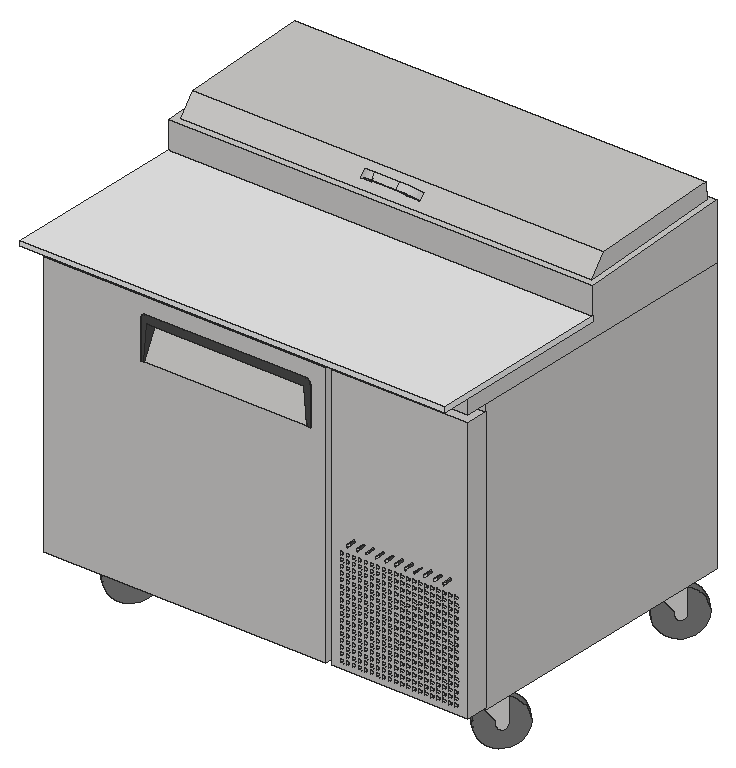
Revit family "QF_Turbo Air_TPR-44SD", category Specialty Equipment, Revit 2012 (continued)
Lines and regions (in)
  symbolic lines
    curve 22: spline (3.21156, -14.60568, 0) -> (3.20728, -14.65462, 0) -> (3.19452, -14.70272, 0) -> (3.1735, -14.74916, 0) -> (3.14457, -14.79314, 0) -> (3.10824, -14.83392, 0) -> (3.06511, -14.87079, 0) -> (3.01594, -14.90313, 0) -> (2.96156, -14.93037, 0) -> (2.9029, -14.95206, 0) -> (2.84097, -14.96783, 0) -> (2.77682, -14.97739, 0) -> (2.71156, -14.9806, 0)
    curve 23: spline (2.46156, -15.16806, 0) -> (2.65246, -15.16066, 0) -> (2.84133, -15.13852, 0) -> (3.02614, -15.10189, 0) -> (3.20492, -15.05115, 0) -> (3.37577, -14.98685, 0) -> (3.53685, -14.90967, 0) -> (3.68645, -14.82044, 0) -> (3.82298, -14.72012, 0) -> (3.94497, -14.60976, 0) -> (4.05112, -14.49055, 0) -> (4.1403, -14.36377, 0) -> (4.21156, -14.23076, 0)
    curve 24: spline (4.21156, -14.72698, 0) -> (4.1403, -14.85999, 0) -> (4.05112, -14.98677, 0) -> (3.94497, -15.10598, 0) -> (3.82298, -15.21633, 0) -> (3.68645, -15.31666, 0) -> (3.53685, -15.40589, 0) -> (3.37577, -15.48306, 0) -> (3.20492, -15.54736, 0) -> (3.02614, -15.5981, 0) -> (2.84133, -15.63473, 0) -> (2.65246, -15.65687, 0) -> (2.46156, -15.66428, 0)
    curve 25: line (-1.31279, -15.28268, 0) -> (-20.10094, -15.28268, 0)
    curve 26: line (-15.28844, 1, 0) -> (-14.03844, 1, 0)
    curve 27: line (16.46156, 1, 0) -> (17.71156, 1, 0)
    curve 28: line (17.71156, 1, 0) -> (17.71156, 0, 0)
    curve 29: line (16.46156, 1, 0) -> (16.46156, 0, 0)
    curve 30: line (-14.03844, 1, 0) -> (-14.03844, 0, 0)
    curve 31: line (-15.28844, 1, 0) -> (-15.28844, 0, 0)
  symbolic lines, style "QF_Surface Details"
    curve 32: line (-18.78844, -14.5625, 0) -> (-13.03844, -14.5625, 0)
    curve 33: line (-12.47594, -14, 0) -> (-12.47594, -2.375, 0)
    curve 34: line (-13.03844, -1.8125, 0) -> (-18.78844, -1.8125, 0)
    curve 35: line (-19.35094, -14, 0) -> (-19.35094, -2.375, 0)
    curve 36: arc (-13.03844, -1.8125, 0) -> (-12.64069, -1.97725, 0) -> (-12.47594, -2.375, 0) r 0.5625
    curve 37: arc (-18.78844, -1.8125, 0) -> (-19.18619, -1.97725, 0) -> (-19.35094, -2.375, 0) r 0.5625
    curve 38: arc (-19.35094, -14, 0) -> (-19.18619, -14.39775, 0) -> (-18.78844, -14.5625, 0) r 0.5625
    curve 39: arc (-12.47594, -14, 0) -> (-12.64069, -14.39775, 0) -> (-13.03844, -14.5625, 0) r 0.5625
    curve 40: line (-13.03844, -12.625, 0) -> (-13.03844, -3.75, 0)
    curve 41: line (-14.41344, -2.375, 0) -> (-17.41344, -2.375, 0)
    curve 42: line (-17.41344, -14, 0) -> (-14.41344, -14, 0)
    curve 43: line (-18.78844, -12.625, 0) -> (-18.78844, -3.75, 0)
    curve 44: arc (-17.41344, -2.375, 0) -> (-18.38571, -2.77773, 0) -> (-18.78844, -3.75, 0) r 1.375
    curve 45: arc (-14.41344, -2.375, 0) -> (-13.44117, -2.77773, 0) -> (-13.03844, -3.75, 0) r 1.375
    curve 46: arc (-13.03844, -12.625, 0) -> (-13.44117, -13.59727, 0) -> (-14.41344, -14, 0) r 1.375
    curve 47: arc (-17.41344, -14, 0) -> (-18.38571, -13.59727, 0) -> (-18.78844, -12.625, 0) r 1.375
    curve 48: line (-11.91344, -14.5625, 0) -> (-6.16344, -14.5625, 0)
    curve 49: line (-5.60094, -14, 0) -> (-5.60094, -2.375, 0)
    curve 50: line (-6.16344, -1.8125, 0) -> (-11.91344, -1.8125, 0)
    curve 51: arc (-6.16344, -1.8125, 0) -> (-5.76569, -1.97725, 0) -> (-5.60094, -2.375, 0) r 0.5625
    curve 52: arc (-11.91344, -1.8125, 0) -> (-12.31119, -1.97725, 0) -> (-12.47594, -2.375, 0) r 0.5625
    curve 53: arc (-5.60094, -14, 0) -> (-5.76569, -14.39775, 0) -> (-6.16344, -14.5625, 0) r 0.5625
    curve 54: line (-6.16344, -12.625, 0) -> (-6.16344, -3.75, 0)
    curve 55: line (-7.53844, -2.375, 0) -> (-10.53844, -2.375, 0)
    curve 56: line (-10.53844, -14, 0) -> (-7.53844, -14, 0)
    curve 57: line (-11.91344, -12.625, 0) -> (-11.91344, -3.75, 0)
    curve 58: arc (-10.53844, -2.375, 0) -> (-11.51071, -2.77773, 0) -> (-11.91344, -3.75, 0) r 1.375
    curve 59: arc (-7.53844, -2.375, 0) -> (-6.56617, -2.77773, 0) -> (-6.16344, -3.75, 0) r 1.375
    curve 60: arc (-6.16344, -12.625, 0) -> (-6.56617, -13.59727, 0) -> (-7.53844, -14, 0) r 1.375
    curve 61: arc (-10.53844, -14, 0) -> (-11.51071, -13.59727, 0) -> (-11.91344, -12.625, 0) r 1.375
    curve 62: line (-5.03844, -14.5625, 0) -> (0.71156, -14.5625, 0)
    curve 63: line (1.27406, -14, 0) -> (1.27406, -2.375, 0)
    curve 64: line (0.71156, -1.8125, 0) -> (-5.03844, -1.8125, 0)
    curve 65: arc (0.71156, -1.8125, 0) -> (1.10931, -1.97725, 0) -> (1.27406, -2.375, 0) r 0.5625
    curve 66: arc (-5.03844, -1.8125, 0) -> (-5.43619, -1.97725, 0) -> (-5.60094, -2.375, 0) r 0.5625
    curve 67: arc (1.27406, -14, 0) -> (1.10931, -14.39775, 0) -> (0.71156, -14.5625, 0) r 0.5625
    curve 68: line (0.71156, -12.625, 0) -> (0.71156, -3.75, 0)
    curve 69: line (-0.66344, -2.375, 0) -> (-3.66344, -2.375, 0)
    curve 70: line (-3.66344, -14, 0) -> (-0.66344, -14, 0)
    curve 71: line (-5.03844, -12.625, 0) -> (-5.03844, -3.75, 0)
    curve 72: arc (-3.66344, -2.375, 0) -> (-4.63571, -2.77773, 0) -> (-5.03844, -3.75, 0) r 1.375
    curve 73: arc (-0.66344, -2.375, 0) -> (0.30883, -2.77773, 0) -> (0.71156, -3.75, 0) r 1.375
    curve 74: arc (0.71156, -12.625, 0) -> (0.30883, -13.59727, 0) -> (-0.66344, -14, 0) r 1.375
    curve 75: arc (-3.66344, -14, 0) -> (-4.63571, -13.59727, 0) -> (-5.03844, -12.625, 0) r 1.375
    curve 76: line (1.83656, -14.5625, 0) -> (7.58656, -14.5625, 0)
    curve 77: line (8.14906, -14, 0) -> (8.14906, -2.375, 0)
    curve 78: line (7.58656, -1.8125, 0) -> (1.83656, -1.8125, 0)
    curve 79: arc (7.58656, -1.8125, 0) -> (7.98431, -1.97725, 0) -> (8.14906, -2.375, 0) r 0.5625
    curve 80: arc (1.83656, -1.8125, 0) -> (1.43881, -1.97725, 0) -> (1.27406, -2.375, 0) r 0.5625
    curve 81: arc (8.14906, -14, 0) -> (7.98431, -14.39775, 0) -> (7.58656, -14.5625, 0) r 0.5625
    curve 82: line (7.58656, -12.625, 0) -> (7.58656, -3.75, 0)
    curve 83: line (6.21156, -2.375, 0) -> (3.21156, -2.375, 0)
    curve 84: line (3.21156, -14, 0) -> (6.21156, -14, 0)
    curve 85: line (1.83656, -12.625, 0) -> (1.83656, -3.75, 0)
    curve 86: arc (3.21156, -2.375, 0) -> (2.23929, -2.77773, 0) -> (1.83656, -3.75, 0) r 1.375
    curve 87: arc (6.21156, -2.375, 0) -> (7.18383, -2.77773, 0) -> (7.58656, -3.75, 0) r 1.375
    curve 88: arc (7.58656, -12.625, 0) -> (7.18383, -13.59727, 0) -> (6.21156, -14, 0) r 1.375
    curve 89: arc (3.21156, -14, 0) -> (2.23929, -13.59727, 0) -> (1.83656, -12.625, 0) r 1.375
    curve 90: line (8.71156, -14.5625, 0) -> (14.46156, -14.5625, 0)
    curve 91: line (15.02406, -14, 0) -> (15.02406, -2.375, 0)
    curve 92: line (14.46156, -1.8125, 0) -> (8.71156, -1.8125, 0)
    curve 93: arc (14.46156, -1.8125, 0) -> (14.85931, -1.97725, 0) -> (15.02406, -2.375, 0) r 0.5625
    curve 94: arc (8.71156, -1.8125, 0) -> (8.31381, -1.97725, 0) -> (8.14906, -2.375, 0) r 0.5625
    curve 95: arc (15.02406, -14, 0) -> (14.85931, -14.39775, 0) -> (14.46156, -14.5625, 0) r 0.5625
    curve 96: line (14.46156, -12.625, 0) -> (14.46156, -3.75, 0)
    curve 97: line (13.08656, -2.375, 0) -> (10.08656, -2.375, 0)
    curve 98: line (10.08656, -14, 0) -> (13.08656, -14, 0)
    curve 99: line (8.71156, -12.625, 0) -> (8.71156, -3.75, 0)
    curve 100: arc (10.08656, -2.375, 0) -> (9.11429, -2.77773, 0) -> (8.71156, -3.75, 0) r 1.375
    curve 101: arc (13.08656, -2.375, 0) -> (14.05883, -2.77773, 0) -> (14.46156, -3.75, 0) r 1.375
    curve 102: arc (14.46156, -12.625, 0) -> (14.05883, -13.59727, 0) -> (13.08656, -14, 0) r 1.375
    curve 103: arc (10.08656, -14, 0) -> (9.11429, -13.59727, 0) -> (8.71156, -12.625, 0) r 1.375
    curve 104: line (15.58656, -14.5625, 0) -> (21.33656, -14.5625, 0)
    curve 105: line (21.89906, -14, 0) -> (21.89906, -2.375, 0)
    curve 106: line (21.33656, -1.8125, 0) -> (15.58656, -1.8125, 0)
    curve 107: arc (21.33656, -1.8125, 0) -> (21.73431, -1.97725, 0) -> (21.89906, -2.375, 0) r 0.5625
    curve 108: arc (15.58656, -1.8125, 0) -> (15.18881, -1.97725, 0) -> (15.02406, -2.375, 0) r 0.5625
    curve 109: arc (21.89906, -14, 0) -> (21.73431, -14.39775, 0) -> (21.33656, -14.5625, 0) r 0.5625
    curve 110: line (21.33656, -12.625, 0) -> (21.33656, -3.75, 0)
    curve 111: line (19.96156, -2.375, 0) -> (16.96156, -2.375, 0)
    curve 112: line (16.96156, -14, 0) -> (19.96156, -14, 0)
    curve 113: line (15.58656, -12.625, 0) -> (15.58656, -3.75, 0)
    curve 114: arc (16.96156, -2.375, 0) -> (15.98929, -2.77773, 0) -> (15.58656, -3.75, 0) r 1.375
    curve 115: arc (19.96156, -2.375, 0) -> (20.93383, -2.77773, 0) -> (21.33656, -3.75, 0) r 1.375
    curve 116: arc (21.33656, -12.625, 0) -> (20.93383, -13.59727, 0) -> (19.96156, -14, 0) r 1.375
    curve 117: arc (16.96156, -14, 0) -> (15.98929, -13.59727, 0) -> (15.58656, -12.625, 0) r 1.375
    curve 118: arc (-12.47594, -14, 0) -> (-12.31119, -14.39775, 0) -> (-11.91344, -14.5625, 0) r 0.5625
    curve 119: arc (-5.60094, -14, 0) -> (-5.43619, -14.39775, 0) -> (-5.03844, -14.5625, 0) r 0.5625
    curve 120: arc (1.27406, -14, 0) -> (1.43881, -14.39775, 0) -> (1.83656, -14.5625, 0) r 0.5625
    curve 121: arc (8.14906, -14, 0) -> (8.31381, -14.39775, 0) -> (8.71156, -14.5625, 0) r 0.5625
    curve 122: arc (15.02406, -14, 0) -> (15.18881, -14.39775, 0) -> (15.58656, -14.5625, 0) r 0.5625
  symbolic lines, style "QF_Clearances", detail levels coarse
    curve 123: line (-20.78844, -35.25, 0) -> (-20.78844, -61.5625, 0)
    curve 124: arc (-20.78844, -61.5625, 0) -> (-1.15066, -54.0119, 0) -> (8.37014, -35.25, 0) r 29.3125
Dimensions and locks (in)
  locked: plane 4 "RIGHT" to plane 3 "LEFT" at 44
  locked: plane 6 "FRONT" to plane 1 "BACK" at 35.25
  locked: plane 6 "FRONT" to plane 5 "Front of Door" at 3
  locked: plane 7 "Front of Pans" to plane 1 "BACK" at 16
  locked: plane 8 "Left of Compressor" to plane 4 "RIGHT" at 14.125
  locked: plane 3 "LEFT" to plane 9 "Right of Door" at 29.3125
  "CasterLeg Height": plane 10 "Bottom" to plane 2
  locked: plane 12 "Door Clearance" to plane 11 "TOP" at 11.375
  locked: plane 11 "TOP" to plane 10 "Bottom" at 36
  locked: plane 13 "Work Top" to plane 10 "Bottom" at 30
  locked: plane 13 "Work Top" to plane 14 at 1.5625
  locked: plane 14 to plane 15 "Top of Door" at 0.75
  locked: plane 16 "Bottom of Door" to plane 10 "Bottom" at 0.25
  locked: plane 1 "BACK" to plane 17 "Back Stops" at 1
  locked: plane 5 "Front of Door" to plane 18 "Front of Box" at 2.375
  locked: Extrusion 2 sketch curve to plane 13 "Work Top" at 3.3125
  locked: Extrusion 2 sketch curve to plane 14 at 5.875
  locked: plane 3 "LEFT" to plane 19 "Lid Left" at 0.6875
  locked: plane 20 "Lid Right" to plane 4 "RIGHT" at 0.6875
  locked: plane 11 "TOP" to Extrusion 3 sketch curve at 1.71479
  locked: plane 11 "TOP" to Extrusion 3 sketch curve at 0.8207
  locked: plane 11 "TOP" to Extrusion 3 sketch curve at 2.64267
  locked: plane 7 "Front of Pans" to Extrusion 3 sketch curve at 0.71732
  locked: plane 7 "Front of Pans" to Extrusion 3 sketch curve at 2.32494
  locked: Extrusion 3 sketch curve to plane 1 "BACK" at 0.43665
  locked: Extrusion 3 sketch curve to plane 1 "BACK" at 0.54382
  equal spacing: plane 19 "Lid Left", plane 21 "Handle Center LR", plane 20 "Lid Right"
  locked: plane 11 "TOP" to plane 22 "Handle Elevation" at 1.73169
  locked: plane 23 "Handle Center FB" to plane 1 "BACK" at 14.47887
  locked: plane 21 "Handle Center LR" to Extrusion 4 sketch curve at 2
  locked: Extrusion 4 sketch curve to plane 21 "Handle Center LR" at 2
  locked: plane 21 "Handle Center LR" to Extrusion 4 sketch curve at 3
  locked: Extrusion 4 sketch curve to plane 21 "Handle Center LR" at 3
  locked: plane 21 "Handle Center LR" to Extrusion 4 sketch curve at 1.5
  locked: plane 21 "Handle Center LR" to Extrusion 4 sketch curve at 1.25
  locked: Extrusion 4 sketch curve to plane 21 "Handle Center LR" at 1.5
  locked: Extrusion 4 sketch curve to plane 21 "Handle Center LR" at 1.25
  locked: plane 11 "TOP" to Extrusion 4 at 0.62347
  locked: plane 11 "TOP" to Extrusion 4 at 1.18585
  locked: plane 15 "Top of Door" to Extrusion 5 sketch curve at 1
  locked: Extrusion 5 sketch curve to plane 3 "LEFT" at 1
  locked: Extrusion 5 sketch curve to plane 9 "Right of Door" at 1
  locked: Extrusion 5 sketch curve to plane 16 "Bottom of Door" at 1
  locked: Extrusion 7 sketch curve to plane 8 "Left of Compressor" at 0.5
  locked: Extrusion 7 sketch curve to plane 4 "RIGHT" at 0.5
  locked: Extrusion 7 sketch curve to plane 16 "Bottom of Door" at 0.5
  locked: Extrusion 7 sketch curve to Extrusion 7 sketch curve at 12.5
  locked: Extrusion 8 sketch curve to plane 13 "Work Top" at 0.5
  locked: plane 3 "LEFT" to nested 2 at 2.8125
  locked: nested 2 to plane 1 "BACK" at 3.1875
  locked: plane 3 "LEFT" to nested 3 at 2.8125
  locked: plane 18 "Front of Box" to nested 3 at 3.5
  locked: nested 4 to plane 4 "RIGHT" at 2.8125
  locked: nested 4 to plane 1 "BACK" at 3.1875
  locked: nested 5 to plane 4 "RIGHT" at 2.8125
  locked: plane 18 "Front of Box" to nested 5 at 3.5
  locked: Extrusion 9 sketch curve to plane 3 "LEFT" at 6.125
  locked: plane 4 "RIGHT" to Extrusion 9 sketch curve at 6.125
  locked: plane 14 to Extrusion 9 sketch curve at 4.8125  (x2)
  locked: Extrusion 10 sketch curve to plane 10 "Bottom" at 6.125
  locked: plane 4 "RIGHT" to Extrusion 10 sketch curve at 7.0625
  locked: plane 12 "Door Clearance" to Extrusion 12 at 0.14061
  locked: plane 12 "Door Clearance" to Extrusion 12 at 0.03074
  aligned and locked: level to plane 2
  aligned and locked: plane 10 "Bottom" to Extrusion 1 sketch curve
  aligned and locked: plane 1 "BACK" to Extrusion 1 sketch curve
  aligned and locked: Extrusion 1 sketch curve to plane 14
  aligned and locked: Extrusion 1 sketch curve to plane 18 "Front of Box"
  aligned and locked: plane 4 "RIGHT" to Extrusion 1
  aligned and locked: Extrusion 2 sketch curve to plane 5 "Front of Door"
  aligned and locked: Extrusion 2 sketch curve to plane 13 "Work Top"
  aligned and locked: Extrusion 2 sketch curve to plane 7 "Front of Pans"
  aligned and locked: plane 14 to Extrusion 2 sketch curve
  aligned and locked: Extrusion 2 sketch curve to plane 1 "BACK"
  aligned and locked: plane 4 "RIGHT" to Extrusion 2
  aligned and locked: plane 11 "TOP" to Extrusion 3 sketch curve
  aligned and locked: plane 20 "Lid Right" to Extrusion 3
  aligned and locked: Extrusion 4 to Extrusion 3
  aligned and locked: nested 1 to plane 16 "Bottom of Door"
  aligned and locked: plane 15 "Top of Door" to nested 1
  aligned and locked: plane 3 "LEFT" to nested 1
  aligned and locked: plane 9 "Right of Door" to nested 1
  aligned and locked: Extrusion 6 sketch curve to plane 4 "RIGHT"
  aligned and locked: plane 16 "Bottom of Door" to Extrusion 6 sketch curve
  aligned and locked: plane 8 "Left of Compressor" to Extrusion 6 sketch curve
  aligned and locked: Extrusion 6 sketch curve to plane 15 "Top of Door"
  aligned and locked: plane 5 "Front of Door" to Extrusion 6
  aligned and locked: plane 13 "Work Top" to Extrusion 8 sketch curve
  aligned and locked: plane 7 "Front of Pans" to Extrusion 8 sketch curve
  aligned and locked: Extrusion 8 sketch curve to plane 6 "FRONT"
  aligned and locked: plane 4 "RIGHT" to Extrusion 8
  aligned and locked: Extrusion 9 to plane 17 "Back Stops"
  aligned and locked: plane 1 "BACK" to curve 1
  aligned and locked: plane 3 "LEFT" to curve 2
  aligned and locked: curve 3 to plane 6 "FRONT"
  aligned and locked: curve 4 to plane 4 "RIGHT"
  aligned and locked: curve 6 to Extrusion 3
  aligned and locked: curve 7 to Extrusion 3
  aligned and locked: curve 8 to Extrusion 3
  aligned and locked: curve 9 to Extrusion 3
  aligned and locked: curve 10 to Extrusion 4
  aligned and locked: curve 11 to Extrusion 4
  aligned and locked: curve 14 to Extrusion 4
  aligned and locked: curve 15 to Extrusion 4
  aligned and locked: Extrusion 4 to curve 16
  aligned and locked: curve 17 to Extrusion 4
  aligned and locked: curve 19 to Extrusion 4
  aligned and locked: curve 20 to Extrusion 4
  aligned and locked: curve 21 to Extrusion 4
  aligned and locked: curve 26 to Extrusion 9
  aligned and locked: curve 27 to Extrusion 9
  aligned and locked: Extrusion 12 to Extrusion 11  (x2)
  aligned and locked: Extrusion 11 sketch curve to Extrusion 3  (x3)
  aligned and locked: plane 20 "Lid Right" to Extrusion 11
Automatic sketch dimensions
  Extrusion 4 sketch curve to Extrusion 4 sketch curve = 0' - 0"
  Extrusion 4 sketch curve to Extrusion 4 sketch curve = 0' - 0.6"
  Extrusion 4 sketch curve to Extrusion 4 sketch curve = 0' - 0 1/2"
  plane 8 "Left of Compressor" to Extrusion 6 sketch curve = 0' - 0 15/16"  (x4)
  Extrusion 6 sketch curve to Extrusion 6 sketch curve = 0' - 0"  (x255)
  Extrusion 6 sketch curve to Extrusion 6 sketch curve = 0' - 0 3/8"  (x471)
  Extrusion 6 sketch curve to Extrusion 6 sketch curve = 0' - 0 1/4"  (x604)
  Extrusion 6 sketch curve to Extrusion 6 sketch curve = 0' - 0.05806"
  Extrusion 6 sketch curve to Extrusion 6 sketch curve = 0' - 0.08839"  (x66)
  Extrusion 6 sketch curve to Extrusion 6 sketch curve = 0' - 0.70711"
  Extrusion 6 sketch curve to Extrusion 6 sketch curve = 0' - 0.11612"  (x10)
  Extrusion 6 sketch curve to Extrusion 6 sketch curve = 0' - 0.82322"  (x10)
  Extrusion 6 sketch curve to plane 20 "Lid Right" = 0' - 0 1/4"  (x8)
  plane 16 "Bottom of Door" to Extrusion 6 sketch curve = 0' - 0 5/8"  (x19)
  Extrusion 6 sketch curve to Extrusion 6 sketch curve = 0' - 0.55806"  (x11)
  Extrusion 6 sketch curve to Extrusion 6 sketch curve = 0' - 0.53033"  (x10)
  Extrusion 11 sketch curve to Extrusion 11 sketch curve = 0' - 11.7419"
  Extrusion 11 sketch curve to Extrusion 11 sketch curve = 0' - 1.60762"
  Extrusion 11 sketch curve to Extrusion 11 sketch curve = 0' - 0.65246"
  Extrusion 11 sketch curve to Extrusion 11 sketch curve = 0' - 1.37584"
  Extrusion 11 sketch curve to Extrusion 11 sketch curve = 0' - 1.38934"
  Extrusion 11 sketch curve to Extrusion 11 sketch curve = 0' - 0.12067"
  Extrusion 11 sketch curve to Extrusion 11 sketch curve = 0' - 9.68784"
  Extrusion 11 sketch curve to Extrusion 11 sketch curve = 0' - 1.82196"
  Extrusion 12 sketch curve to plane 21 "Handle Center LR" = 0' - 3"
  Extrusion 12 sketch curve to Extrusion 12 sketch curve = 0' - 1"  (x2)
  Extrusion 12 sketch curve to Extrusion 12 sketch curve = 0' - 0 1/2"  (x3)
  Extrusion 12 sketch curve to Extrusion 12 sketch curve = 0' - 0 3/4"
  plane 21 "Handle Center LR" to Extrusion 12 sketch curve = 0' - 1 1/4"
  Extrusion 12 sketch curve to Extrusion 12 sketch curve = 0' - 0 1/4"
  Extrusion 12 sketch curve to Extrusion 12 sketch curve = 0' - 0"
  Extrusion 12 sketch curve to Extrusion 12 sketch curve = 0' - 0.6"
  plane 5 "Front of Door" to curve 124 = 0' - 0"
  plane 7 "Front of Pans" to curve 5 = 0' - 0"
  curve 38 to plane 23 "Handle Center FB" = 0' - 0.47887"
  plane 19 "Lid Left" to curve 38 = 0' - 0 3/4"
  curve 37 to curve 34 = 0' - 0 9/16"
  plane 19 "Lid Left" to curve 47 = 0' - 1 5/16"
  plane 23 "Handle Center FB" to curve 38 = 0' - 0.08363"
  curve 37 to curve 41 = 0' - 1 3/8"
  curve 47 to plane 23 "Handle Center FB" = 0' - 0.47887"
  curve 38 to curve 47 = 0' - 1 3/8"
  curve 44 to curve 31 = 0' - 2 1/8"
  curve 31 to curve 45 = 0' - 0 7/8"
  curve 47 to curve 42 = 0' - 3"
  curve 31 to curve 30 = 0' - 1 1/4"
  curve 41 to curve 36 = 0' - 1 3/8"
  curve 45 to curve 45 = 0' - 1 3/8"
  curve 46 to curve 32 = 0' - 1 3/8"
  curve 118 to plane 23 "Handle Center FB" = 0' - 0.47887"
  curve 40 to curve 57 = 0' - 1 1/8"
  plane 23 "Handle Center FB" to curve 48 = 0' - 0.08363"
  curve 33 to curve 50 = 0' - 0 9/16"
  curve 57 to curve 61 = 0' - 1 3/8"
  curve 57 to curve 58 = 0' - 1 3/8"
  curve 60 to plane 23 "Handle Center FB" = 0' - 1.85387"
  curve 61 to curve 60 = 0' - 3"
  curve 58 to curve 55 = 0' - 3"
  curve 56 to curve 48 = 0' - 1 3/8"
  curve 60 to curve 60 = 0' - 1 3/8"
  curve 55 to curve 50 = 0' - 1 3/8"
  curve 51 to curve 51 = 0' - 0 9/16"
  curve 59 to curve 72 = 0' - 1 1/8"
  curve 51 to curve 64 = 0' - 0 9/16"
  plane 23 "Handle Center FB" to curve 62 = 0' - 0.08363"
  curve 70 to plane 23 "Handle Center FB" = 0' - 0.47887"
  curve 119 to curve 70 = 0' - 1 3/8"
  curve 66 to curve 69 = 0' - 1 3/8"
  curve 15 to curve 25 = 0' - 0.47565"
  curve 14 to curve 74 = 0' - 0 1/8"
  curve 69 to plane 21 "Handle Center LR" = 0' - 1 7/8"
  plane 23 "Handle Center FB" to curve 18 = 0' - 0.12681"
  curve 18 to curve 18 = 0' - 0 1/2"
  curve 18 to curve 12 = 0' - 0 1/4"
  curve 18 to curve 11 = 0' - 0 1/4"
  curve 67 to plane 21 "Handle Center LR" = 0' - 0 1/2"
  curve 68 to plane 21 "Handle Center LR" = 0' - 0 1/2"
  curve 65 to plane 21 "Handle Center LR" = 0' - 0 1/2"
  plane 21 "Handle Center LR" to curve 63 = 0' - 0 1/16"
  curve 12 to plane 23 "Handle Center FB" = 0' - 0.20179"
  plane 21 "Handle Center LR" to curve 12 = 0' - 0.6"
  curve 13 to curve 12 = 0' - 0"
  plane 21 "Handle Center LR" to curve 85 = 0' - 0 5/8"
  plane 21 "Handle Center LR" to curve 80 = 0' - 0 5/8"
  curve 13 to curve 120 = 0' - 0.025"
  curve 76 to curve 11 = 0' - 0 5/8"
  curve 24 to plane 23 "Handle Center FB" = 0' - 0.20179"
  curve 24 to curve 23 = 0' - 0"
  curve 23 to curve 17 = 0' - 0 1/4"
  curve 84 to curve 19 = 0' - 0"
  curve 85 to curve 86 = 0' - 1 3/8"
  curve 8 to curve 20 = 0' - 0.47565"
  curve 19 to curve 23 = 0' - 0.1"
  curve 84 to plane 23 "Handle Center FB" = 0' - 0.47887"
  curve 23 to curve 84 = 0' - 1.9"
  curve 87 to plane 9 "Right of Door" = 0' - 2 5/16"
  curve 81 to plane 9 "Right of Door" = 0' - 0 15/16"
  curve 82 to plane 9 "Right of Door" = 0' - 0 15/16"
  curve 79 to plane 9 "Right of Door" = 0' - 0 15/16"
  curve 77 to plane 9 "Right of Door" = 0' - 0 3/8"
  curve 124 to plane 9 "Right of Door" = 0' - 0.15392"
  plane 9 "Right of Door" to curve 99 = 0' - 0 3/16"
  plane 9 "Right of Door" to curve 121 = 0' - 0 3/16"
  plane 9 "Right of Door" to curve 92 = 0' - 0 3/16"
  plane 8 "Left of Compressor" to curve 100 = 0' - 1"
  curve 103 to plane 23 "Handle Center FB" = 0' - 0.47887"
  plane 8 "Left of Compressor" to curve 103 = 0' - 1"
  curve 97 to curve 97 = 0' - 3"
  curve 103 to curve 102 = 0' - 3"
  curve 101 to curve 93 = 0' - 1 3/8"
  curve 95 to plane 23 "Handle Center FB" = 0' - 0.47887"
  curve 102 to curve 95 = 0' - 1 3/8"
  curve 101 to curve 93 = 0' - 0"
  plane 23 "Handle Center FB" to curve 122 = 0' - 0.08363"
  curve 96 to curve 117 = 0' - 1 1/8"
  curve 91 to curve 108 = 0' - 0 9/16"
  curve 108 to curve 29 = 0' - 0 7/8"
  curve 108 to curve 111 = 0' - 1 3/8"
  curve 112 to plane 23 "Handle Center FB" = 0' - 0.47887"
  curve 122 to curve 112 = 0' - 1 3/8"
  curve 27 to curve 28 = 0' - 1 1/4"
  curve 115 to plane 20 "Lid Right" = 0' - 2 9/16"
  curve 112 to plane 20 "Lid Right" = 0' - 2 9/16"
  curve 109 to plane 23 "Handle Center FB" = 0' - 0.47887"
  curve 109 to plane 20 "Lid Right" = 0' - 1 3/16"
  curve 116 to plane 20 "Lid Right" = 0' - 1 3/16"
  curve 107 to curve 107 = 0' - 0 9/16"
  plane 23 "Handle Center FB" to curve 22 = 0' - 0.12681"
  plane 1 "BACK" to curve 72 = 0' - 3 3/4"
  curve 43 to curve 6 = 0' - 3.31335"
  plane 1 "BACK" to curve 101 = 0' - 3 3/4"
  curve 110 to curve 6 = 0' - 3.31335"
  curve 54 to curve 72 = 0' - 0"
  curve 82 to curve 100 = 0' - 0"
  curve 68 to curve 63 = 0' - 1 3/8"
  radius of Extrusion 9 sketch curve = 0' - 0 5/8"  (x2)
  radius of Extrusion 10 sketch curve = 0' - 0 1/4"
Nested families (in)
  nested 1: "QF_Turbo Air_TBL_Door-1" at (-5.61177, -30.4375, 6.125), type "QF_Turbo Air_TBL_Door-1"
    with Width 2' - 5 5/16", Symbolic Lines no, Height 2' - 3 7/16", Depth 0' - 1 13/16"
  nested 2: "FESCasterLeg" at (-17.97594, -3.1875, 0), Legs <- "Legs", Casters <- "Casters", Height <- "CasterLeg Height", type "FESCasterLeg"
    with Legs no, Height 0' - 5 7/8", Casters yes, Caster Radius 0' - 2 7/16"
  nested 3: "FESCasterLeg" at (-17.97594, -26.375, 0), Legs <- "Legs", Casters <- "Casters", Height <- "CasterLeg Height", type "FESCasterLeg"
    with Legs no, Height 0' - 5 7/8", Casters yes, Caster Radius 0' - 2 7/16"
  nested 4: "FESCasterLeg" at (20.39906, -3.1875, 0), Legs <- "Legs", Casters <- "Casters", Height <- "CasterLeg Height", type "FESCasterLeg"
    with Legs no, Height 0' - 5 7/8", Casters yes, Caster Radius 0' - 2 7/16"
  nested 5: "FESCasterLeg" at (20.39906, -26.375, 0), Legs <- "Legs", Casters <- "Casters", Height <- "CasterLeg Height", type "FESCasterLeg"
    with Legs no, Height 0' - 5 7/8", Casters yes, Caster Radius 0' - 2 7/16"
Connectors (in)
  electrical at (16.14906, 0.0625, 12), driven by "Number of Poles", driven by "Volts", driven by "Apparent Power"
    settings: on Extrusion 10, index 1, voltage 115 V, apparent load 724.5 VA, apparent load phase1 0 VA, apparent load phase2 0 VA, apparent load phase3 0 VA, power factor 1, load classification "Other", number of poles 1, system type 30, power factor state 1, is connector primary yes, connector utility no, sub classification motor no, connector description "Electric"
Definition of nested family "QF_Turbo Air_TBL_Door-1"
  Parameters (values of type "QF_Turbo Air_TBL_Door-1")
    Width [instance] = 2' - 5 5/16"
    Watermarked By = "http://revitwatermark.com"
    Symbolic Lines [instance] = yes
    Manufacturer = "Turbo Air"  # constant formula
    Height [instance] = 2' - 3 7/16"
    Handle Width [instance] = 1' - 5 5/8"
    Depth [instance] = 0' - 1 13/16"
  Reference planes (in)
    plane 1 "BACK": y = 0
    plane 2: z = 0
    plane 3 "LEFT": x = -15.17667
    plane 4: x = 14.13583
    plane 5 "FRONT": y = -1.8125
    plane 6: z = 27.4375
    plane 7 "Right of Handle": x = 12.51083
    plane 8 "Left of Handle": x = -5.11417
  Forms (in)
    Extrusion 1, solid, material "QF_Finishes_Black"
      sketch origin (-31.11417, 0, 15.01083) x (0, 0, -1) y (1, 0, 0)
        loop
          arc (-10.23917, 43.625) -> (-10.63691, 43.46025) -> (-10.80167, 43.0625) r 0.5625
          line (-10.80167, 43.0625) -> (-10.80167, 26.5625)
          arc (-10.80167, 26.5625) -> (-10.63691, 26.16475) -> (-10.23917, 26) r 0.5625
          line (-10.23917, 26) -> (-6.30167, 26) -> (-6.30167, 26.34375) -> (-9.98917, 26.66636) -> (-9.98917, 42.95864) -> (-6.30167, 43.28125) -> (-6.30167, 43.625) -> (-10.23917, 43.625)
      from 0 to 1.8125
    Extrusion 2, solid, material "QF_Finishes_Stainless Steel"
      sketch origin (-5.14542, 0, 15.01083) x (0, 1, 0) y (0, 0, 1)
        loop
          line (-1.8125, 6.30167) -> (0, 6.30167) -> (0, 9.98917) -> (-0.47036, 9.98917) -> (-1.8125, 6.30167)
      from 0.375 to 17.3125
    Extrusion 3, solid, material "QF_Finishes_Stainless Steel"
      sketch origin (0, 0, 0) x (1, 0, 0) y (0, 0, 1)
        loop
          line (-15.17667, 27.4375) -> (-15.17667, 0) -> (14.13583, 0) -> (14.13583, 27.4375) -> (-15.17667, 27.4375)
        loop
          arc (-4.55167, 25.8125) -> (-4.94941, 25.64775) -> (-5.11417, 25.25) r 0.5625
          line (-5.11417, 25.25) -> (-5.11417, 21.3125) -> (12.51083, 21.3125) -> (12.51083, 25.25)
          arc (12.51083, 25.25) -> (12.34608, 25.64775) -> (11.94833, 25.8125) r 0.5625
          line (11.94833, 25.8125) -> (-4.55167, 25.8125)
      from 0 to 1.8125
  Lines and regions (in)
    symbolic lines, visible <- "Symbolic Lines"
      curve 1: line (-15.17667, 0, 25.96875) -> (14.13583, 0, 25.96875)
      curve 2: line (-15.17667, -1.8125, 25.96875) -> (-15.17667, 0, 25.96875)
      curve 3: line (14.13583, -1.8125, 25.96875) -> (-15.17667, -1.8125, 25.96875)
      curve 4: line (14.13583, 0, 25.96875) -> (14.13583, -1.8125, 25.96875)
  Dimensions and locks (in)
    "Width": plane 4 to plane 3 "LEFT"
    "Depth": plane 5 "FRONT" to plane 1 "BACK"
    "Height": plane 6 to plane 2
    locked: Extrusion 3 sketch curve to Extrusion 3 sketch curve at 4.5
    locked: plane 6 to Extrusion 3 sketch curve at 1.625
    locked: plane 6 to Extrusion 1 sketch curve at 1.625
    locked: Extrusion 1 sketch curve to Extrusion 1 sketch curve at 0.8125
    locked: Extrusion 1 sketch curve to Extrusion 1 sketch curve at 4.5  (x2)
    locked: plane 6 to Extrusion 2 sketch curve at 2.4375
    locked: Extrusion 2 sketch curve to Extrusion 2 sketch curve at 3.6875
    locked: Extrusion 2 sketch curve to plane 5 "FRONT" at 1.34214
    locked: plane 7 "Right of Handle" to plane 4 at 1.625
    "Handle Width": plane 8 "Left of Handle" to plane 7 "Right of Handle"
    locked: Extrusion 1 sketch curve to plane 8 "Left of Handle" at 0.34375
    locked: Extrusion 1 sketch curve to plane 8 "Left of Handle" at 0.66636
    locked: Extrusion 1 sketch curve to plane 8 "Left of Handle" at 0.5625
    locked: plane 7 "Right of Handle" to Extrusion 1 sketch curve at 0.34375
    locked: plane 7 "Right of Handle" to Extrusion 1 sketch curve at 0.66636
    locked: plane 7 "Right of Handle" to Extrusion 1 sketch curve at 0.5625
    locked: plane 8 "Left of Handle" to Extrusion 2 at 0.34375
    locked: plane 7 "Right of Handle" to Extrusion 2 at 0.34375
    aligned and locked: level to plane 2
    aligned and locked: Extrusion 3 sketch curve to plane 6
    aligned and locked: plane 3 "LEFT" to Extrusion 3 sketch curve
    aligned and locked: level to Extrusion 3 sketch curve
    aligned and locked: Extrusion 3 sketch curve to plane 4
    aligned and locked: plane 5 "FRONT" to Extrusion 3
    aligned and locked: Extrusion 2 sketch curve to plane 1 "BACK"
    aligned and locked: plane 1 "BACK" to curve 1
    aligned and locked: plane 3 "LEFT" to curve 2
    aligned and locked: curve 3 to plane 5 "FRONT"
    aligned and locked: curve 4 to plane 4
    aligned and locked: Extrusion 3 sketch curve to plane 7 "Right of Handle"
    aligned and locked: Extrusion 3 sketch curve to plane 8 "Left of Handle"
    aligned and locked: Extrusion 1 sketch curve to plane 7 "Right of Handle"
    aligned and locked: plane 8 "Left of Handle" to Extrusion 1 sketch curve
  Automatic sketch dimensions
    Extrusion 3 sketch curve to Extrusion 3 sketch curve = 0' - 0 9/16"  (x2)
    Extrusion 2 sketch curve to plane 5 "FRONT" = 0' - 0"
Definition of nested family "FESCasterLeg"
  Parameters (values of type "FESCasterLeg")
    Watermarked By = "http://revitwatermark.com"
    Type Comments = "⍁⍉⌁⌀⏭⎽⌇⍠⌜⍉⎖⌥⌦⌯⍭⏊⍻⍿⍊⏵⍊⏗⏠⍴⎡⌈⎀⍠⌓⌤⏘⎐⍀⌐⏬⏁⎈⏍⏦⎒⏬⌝⍩⍇⌣〈⎫〉⎁⏊⍥⍖⍥⍝⍦⌖⍀⏌⏭⎝⎼⏷⏞⍻⏯⎽⏷⏞⍻⏯⎽⏷⎺⌻⎝⍎⌧⏷⏟⏿⌿⍜⍦⍤⌁⍬⏶⏎⍊⏚⏉⎞⌡⎀⎪⏈⌟⌿⍾⍼⌟⌿⌢⌞⏜⏝⎽⍷⍷⍯⍧⍷⌯⍽⏸⏨⏾⏎⌣⏺⍹⏼⏅⎏⌽⎫⎪⍙⎓⏗⎗⏅⌴⍏⍏⍿⏑⎺⍘⌭⏲⍥⎛⎾⎾⍞⍌⎪⎲⌙⎥⏏⎟⎟⏼⏘⎏⎝⏧⏍⏁⍏⍧⏯⏾⌟"
    Legs [instance] = yes
    Height [instance] = 0' - 6"
    Caster Radius [instance] = if(Height < 0' 3", 0' 1", (Height / 2) - 0' 0 1/2")  # 0' - 2 1/2"
    Casters [instance] = yes
    Assembly Code = ""
  Reference planes (in)
    plane 1 "Center (Front/Back)": y = 0
    plane 2: z = 0
    plane 3 "Center (Left/Right)": x = 0
    plane 4: z = 6
    plane 5: z = 5.5
  Forms (in)
    Extrusion 1, solid, material "QF_Finishes_Stainless Steel", visible <- "Casters"
      sketch origin (-24.12131, -22.88887, 10.18833) x (0.707107, 0.707107, 0) y (0, 0, 1)
        loop
          line (34.98772, -7.68833) -> (34.98772, -4.93833) -> (34.48772, -4.93833) -> (34.39402, -4.68833) -> (32.39402, -4.68833) -> (32.39402, -5.43833) -> (33.98772, -7.34206) -> (33.98772, -7.68833)
          arc (33.98772, -7.68833) -> (34.48772, -8.18833) -> (34.98772, -7.68833) r 0.5
      from 0 to 1.75
    Extrusion 2, solid, material "QF_Finishes_Rubber Black", visible <- "Casters"
      sketch origin (-24.32327, -23.09083, 13.31461) x (0.707107, 0.707107, 0) y (0, 0, 1)
        loop
          circle (34.77334, -10.81461) r 2.5
      from 0.375 to 1.375
    Extrusion 3, solid, material "QF_Finishes_Stainless Steel", visible <- "Casters"
      sketch origin (-7.24148, -8.48391, 0) x (0.707107, 0.707107, 0) y (0, 0, 1)
        loop
          line (10.61603, 5.5) -> (11.61603, 5.5) -> (11.61603, 6) -> (10.61603, 6) -> (10.61603, 5.5)
      from 0 to -1.75
    Blend 4, solid, material "QF_Finishes_Stainless Steel", visible <- "Legs"
      base sketch origin (0, 0, 0) x (1, 0, 0) y (0, 1, 0)
        loop
          circle (0, 0) r 0.5
      top sketch origin (0, 0, 0) x (1, 0, 0) y (0, 1, 0)
        loop
          circle (0, 0) r 1
      from 0 to 6 <- "Height"
  Lines and regions (in)
    symbolic lines, style "QF_Hidden Details", visible <- "Casters", built-in parameter 1006206 <- "Casters"
      curve 1: line (-1.26158, -0.51911, 0) -> (1.39007, 2.13254, 0)
      curve 2: line (-0.53429, -1.24639, 0) -> (2.11736, 1.40526, 0)
    symbolic lines, style "QF_Hidden Details", built-in parameter 1006206 <- "Casters", visible <- "Casters"
      curve 3: line (-1.26158, -0.51911, 0) -> (1.39007, 2.13254, 0)
      curve 4: line (-0.53429, -1.24639, 0) -> (2.11736, 1.40526, 0)
  Dimensions and locks (in)
    locked: plane 4 to plane 5 at 0.5
    "Height": plane 4 to level
    "Caster Radius": Extrusion 2 sketch curve to level
    "Caster Radius": Extrusion 1 sketch curve to level
    "Caster Radius": radius of Extrusion 2 sketch curve
    aligned and locked: plane 2 to level
    aligned: Blend 4 to Extrusion 3
    aligned and locked: plane 4 to Blend 4
    aligned and locked: Extrusion 3 to plane 5
    aligned and locked: plane 4 to Extrusion 3
    aligned and locked: plane 5 to Extrusion 1
  Automatic sketch dimensions
    plane 1 "Center (Front/Back)" to curve 3 = 0' - 0.51911"
    curve 3 to plane 3 "Center (Left/Right)" = 0' - 1.26158"
    plane 1 "Center (Front/Back)" to curve 1 = 0' - 0.51911"
    curve 1 to curve 3 = 0' - 0"  (x3)
    curve 4 to plane 3 "Center (Left/Right)" = 0' - 0.53429"
    curve 2 to curve 4 = 0' - 0"  (x2)
    plane 3 "Center (Left/Right)" to curve 3 = 0' - 1.39007"
    curve 1 to curve 4 = 0' - 0.72729"
    curve 2 to curve 1 = 0' - 0.72729"
    curve 4 to curve 2 = 0' - 0"  (x2)
    curve 2 to plane 1 "Center (Front/Back)" = 0' - 1.40526"
    curve 2 to curve 3 = 0' - 0.72729"
    plane 5 to Extrusion 1 sketch curve = 0' - 0"
    Extrusion 1 sketch curve to Extrusion 1 sketch curve = 0' - 1.5937"
    Extrusion 1 sketch curve to Extrusion 1 sketch curve = 0' - 2"
    Extrusion 1 sketch curve to Extrusion 1 sketch curve = 0' - 0.0937"
    Extrusion 1 sketch curve to Extrusion 1 sketch curve = 0' - 0 1/2"
    Extrusion 1 sketch curve to Extrusion 1 sketch curve = 0' - 0.34627"
    Extrusion 1 sketch curve to plane 5 = 0' - 0 3/4"
    Extrusion 1 sketch curve to plane 5 = 0' - 0 1/4"
    Extrusion 3 sketch curve to plane 5 = 0' - 0"
    plane 4 to Extrusion 3 sketch curve = 0' - 0"
    Extrusion 3 sketch curve to Extrusion 3 sketch curve = 0' - 1"
    plane 1 "Center (Front/Back)" to Blend 4 sketch curve = 0' - 0"  (x2)
    Blend 4 sketch curve to plane 3 "Center (Left/Right)" = 0' - 0"  (x2)
    radius of Blend 4 sketch curve = 0' - 0 1/2"
    radius of Blend 4 sketch curve = 0' - 1"
